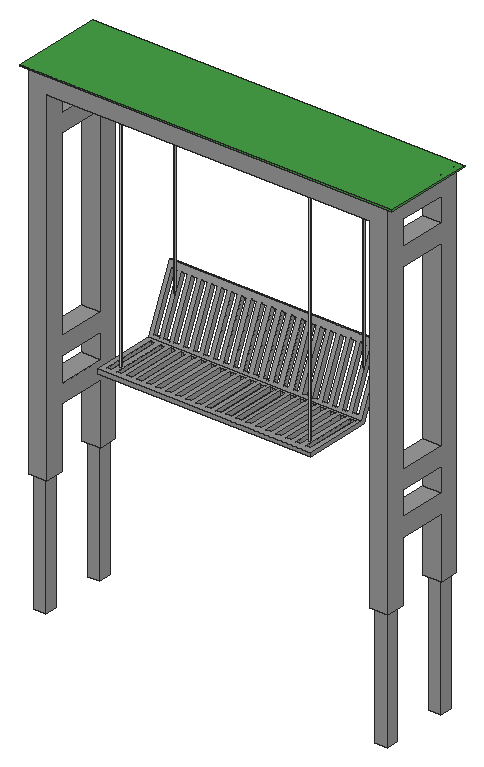
Revit family "20895 Качели садово-парковые «Кассиопея» Хоббика", category Антураж, Revit 2018
Family settings
  На основе рабочей плоскости = Нет
  Всегда вертикально = Да
  При загрузке вырезать с полостями = Нет
  Источник визуального образа = Геометрия семейства
  Общий = Нет
  Точка расчета площади = Нет
Parameters (values of type "Качели садово-парковые «Кассиопея». Версия без подсветки")
  Ширина = 750 mm  # constant formula
  Цвет отделки = Дерево
  Описание = "Качели садово-парковые «Кассиопея». Версия без подсветки"  # constant formula
  Материал изделия = "Сталь, дерево"  # constant formula
  Изображение типоразмера = Качели садово-парковые «Кассиопея» Арт 20895.jpg
  Изготовитель = "ООО «Хоббика»"  # constant formula
  Длина = 3050 mm  # constant formula
  Группа модели = "Парковые качели"  # constant formula
  Высота = 2500 mm  # constant formula
  Артикул товара = "Арт. 20895"  # constant formula
  URL = "https://hobbyka.ru/product/kacheli_sadovoparkovye_kassiopeya"
Reference planes
  plane 1 "По центру (Вперед/Назад)": y = 0
  plane 2: z = 0
  plane 3 "По центру (Влево/Вправо)": x = 0
  plane 4: x = 3050
  plane 5: y = 750
  plane 6: z = 2500
Forms (mm)
  Extrusion 1, solid, material "Дерево" <- "Цвет отделки"
    sketch origin (0, 0, 0) x (1, 0, 0) y (0, 1, 0)
      loop
        line (50, 725) -> (50, 575) -> (200, 575) -> (200, 725) -> (50, 725)
      loop
        line (50, 175) -> (50, 25) -> (200, 25) -> (200, 175) -> (50, 175)
      loop
        line (2850, 725) -> (2850, 575) -> (3000, 575) -> (3000, 725) -> (2850, 725)
      loop
        line (2850, 175) -> (2850, 25) -> (3000, 25) -> (3000, 175) -> (2850, 175)
    from -500 to 2490
  Extrusion 2, solid, material "Дерево" <- "Цвет отделки"
    sketch origin (0, 0, -10) x (0, 1, 0) y (0, 0, 1)
      loop
        line (575, 2500) -> (575, 2350) -> (725, 2350) -> (725, 2500) -> (575, 2500)
      loop
        line (175, 2500) -> (25, 2500) -> (25, 2350) -> (175, 2350) -> (175, 2500)
    from 200 to 2850
  Extrusion 3, solid, material "Дерево" <- "Цвет отделки"
    sketch origin (0, 0, 0) x (1, 0, 0) y (0, 0, 1)
      loop
        line (50, 2490) -> (50, 2340) -> (200, 2340) -> (200, 2490) -> (50, 2490)
      loop
        line (50, 2140) -> (50, 1990) -> (200, 1990) -> (200, 2140) -> (50, 2140)
      loop
        line (50, 500) -> (50, 350) -> (200, 350) -> (200, 500) -> (50, 500)
      loop
        line (50, 150) -> (50, 0) -> (200, 0) -> (200, 150) -> (50, 150)
      loop
        line (2850, 2490) -> (2850, 2340) -> (3000, 2340) -> (3000, 2490) -> (2850, 2490)
      loop
        line (2850, 2140) -> (2850, 1990) -> (3000, 1990) -> (3000, 2140) -> (2850, 2140)
      loop
        line (2850, 500) -> (2850, 350) -> (3000, 350) -> (3000, 500) -> (2850, 500)
      loop
        line (2850, 150) -> (2850, 0) -> (3000, 0) -> (3000, 150) -> (2850, 150)
    from -150 to -600
  Extrusion 4, solid, material "Сталь"
    sketch origin (0, 0, 0) x (1, 0, 0) y (0, 1, 0)
      loop
        line (75, 700) -> (75, 600) -> (175, 600) -> (175, 700) -> (75, 700)
      loop
        line (75, 150) -> (75, 50) -> (175, 50) -> (175, 150) -> (75, 150)
      loop
        line (2875, 600) -> (2975, 600) -> (2975, 700) -> (2875, 700) -> (2875, 600)
      loop
        line (2875, 150) -> (2875, 50) -> (2975, 50) -> (2975, 150) -> (2875, 150)
    from -1500 to -500
  Sweep 5, solid, material "Дерево" <- "Цвет отделки"
    path origin (-1633.333, 0, 0) x (0, 1, 0) y (0, 0, 1)
      loop
        line (755.661, 967.45) -> (531.956, 465) -> (-18.044, 465)
    profile origin (-1633.333, 256.956, 465) x (0, 0, -1) y (1, 0, 0)
      loop
        line (0, 2283.333) -> (0, 2318.333) -> (-35, 2318.333) -> (-35, 2283.333) -> (0, 2283.333)
  Extrusion 6, solid, material "Крыша по умолчанию"
    sketch origin (0, 0, 0) x (0, 1, 0) y (0, 0, 1)
      loop
        line (750, 2500) -> (0, 2500) -> (0, 2490) -> (750, 2490) -> (750, 2500)
    from 0 to 3050
  Extrusion 7, solid, material "Источник света по умолчанию"
    sketch origin (0, 0, 0) x (0, 1, 0) y (0, 0, 1)
      loop
        line (575, 2490) -> (175, 2490) -> (175, 2340) -> (575, 2340) -> (575, 2490)
    from 200 to 2850
  Sweep 8, solid, material "Дерево" <- "Цвет отделки"
    path origin (81.667, 0, 0) x (0, 1, 0) y (0, 0, 1)
      loop
        line (755.661, 967.45) -> (531.956, 465) -> (-18.044, 465)
    profile origin (81.667, 256.956, 465) x (0, 0, -1) y (1, 0, 0)
      loop
        line (0, 2283.333) -> (0, 2318.333) -> (-35, 2318.333) -> (-35, 2283.333) -> (0, 2283.333)
  Sweep 9, solid, material "Дерево" <- "Цвет отделки"
    path origin (-1551.667, 0, 0) x (0, 1, 0) y (0, 0, 1)
      loop
        line (755.661, 967.45) -> (531.956, 465) -> (-18.044, 465)
    profile origin (-1551.667, 256.956, 465) x (0, 0, -1) y (1, 0, 0)
      loop
        line (0, 2283.333) -> (0, 2318.333) -> (-35, 2318.333) -> (-35, 2283.333) -> (0, 2283.333)
  Sweep 10, solid, material "Дерево" <- "Цвет отделки"
    path origin (-1470, 0, 0) x (0, 1, 0) y (0, 0, 1)
      loop
        line (755.661, 967.45) -> (531.956, 465) -> (-18.044, 465)
    profile origin (-1470, 256.956, 465) x (0, 0, -1) y (1, 0, 0)
      loop
        line (0, 2283.333) -> (0, 2318.333) -> (-35, 2318.333) -> (-35, 2283.333) -> (0, 2283.333)
  Sweep 11, solid, material "Дерево" <- "Цвет отделки"
    path origin (-1388.333, 0, 0) x (0, 1, 0) y (0, 0, 1)
      loop
        line (755.661, 967.45) -> (531.956, 465) -> (-18.044, 465)
    profile origin (-1388.333, 256.956, 465) x (0, 0, -1) y (1, 0, 0)
      loop
        line (0, 2283.333) -> (0, 2318.333) -> (-35, 2318.333) -> (-35, 2283.333) -> (0, 2283.333)
  Sweep 12, solid, material "Дерево" <- "Цвет отделки"
    path origin (-1306.667, 0, 0) x (0, 1, 0) y (0, 0, 1)
      loop
        line (755.661, 967.45) -> (531.956, 465) -> (-18.044, 465)
    profile origin (-1306.667, 256.956, 465) x (0, 0, -1) y (1, 0, 0)
      loop
        line (0, 2283.333) -> (0, 2318.333) -> (-35, 2318.333) -> (-35, 2283.333) -> (0, 2283.333)
  Sweep 13, solid, material "Дерево" <- "Цвет отделки"
    path origin (-1225, 0, 0) x (0, 1, 0) y (0, 0, 1)
      loop
        line (755.661, 967.45) -> (531.956, 465) -> (-18.044, 465)
    profile origin (-1225, 256.956, 465) x (0, 0, -1) y (1, 0, 0)
      loop
        line (0, 2283.333) -> (0, 2318.333) -> (-35, 2318.333) -> (-35, 2283.333) -> (0, 2283.333)
  Sweep 14, solid, material "Дерево" <- "Цвет отделки"
    path origin (-1143.333, 0, 0) x (0, 1, 0) y (0, 0, 1)
      loop
        line (755.661, 967.45) -> (531.956, 465) -> (-18.044, 465)
    profile origin (-1143.333, 256.956, 465) x (0, 0, -1) y (1, 0, 0)
      loop
        line (0, 2283.333) -> (0, 2318.333) -> (-35, 2318.333) -> (-35, 2283.333) -> (0, 2283.333)
  Sweep 15, solid, material "Дерево" <- "Цвет отделки"
    path origin (-1061.667, 0, 0) x (0, 1, 0) y (0, 0, 1)
      loop
        line (755.661, 967.45) -> (531.956, 465) -> (-18.044, 465)
    profile origin (-1061.667, 256.956, 465) x (0, 0, -1) y (1, 0, 0)
      loop
        line (0, 2283.333) -> (0, 2318.333) -> (-35, 2318.333) -> (-35, 2283.333) -> (0, 2283.333)
  Sweep 16, solid, material "Дерево" <- "Цвет отделки"
    path origin (-980, 0, 0) x (0, 1, 0) y (0, 0, 1)
      loop
        line (755.661, 967.45) -> (531.956, 465) -> (-18.044, 465)
    profile origin (-980, 256.956, 465) x (0, 0, -1) y (1, 0, 0)
      loop
        line (0, 2283.333) -> (0, 2318.333) -> (-35, 2318.333) -> (-35, 2283.333) -> (0, 2283.333)
  Sweep 17, solid, material "Дерево" <- "Цвет отделки"
    path origin (-898.333, 0, 0) x (0, 1, 0) y (0, 0, 1)
      loop
        line (755.661, 967.45) -> (531.956, 465) -> (-18.044, 465)
    profile origin (-898.333, 256.956, 465) x (0, 0, -1) y (1, 0, 0)
      loop
        line (0, 2283.333) -> (0, 2318.333) -> (-35, 2318.333) -> (-35, 2283.333) -> (0, 2283.333)
  Sweep 18, solid, material "Дерево" <- "Цвет отделки"
    path origin (-816.667, 0, 0) x (0, 1, 0) y (0, 0, 1)
      loop
        line (755.661, 967.45) -> (531.956, 465) -> (-18.044, 465)
    profile origin (-816.667, 256.956, 465) x (0, 0, -1) y (1, 0, 0)
      loop
        line (0, 2283.333) -> (0, 2318.333) -> (-35, 2318.333) -> (-35, 2283.333) -> (0, 2283.333)
  Sweep 19, solid, material "Дерево" <- "Цвет отделки"
    path origin (-735, 0, 0) x (0, 1, 0) y (0, 0, 1)
      loop
        line (755.661, 967.45) -> (531.956, 465) -> (-18.044, 465)
    profile origin (-735, 256.956, 465) x (0, 0, -1) y (1, 0, 0)
      loop
        line (0, 2283.333) -> (0, 2318.333) -> (-35, 2318.333) -> (-35, 2283.333) -> (0, 2283.333)
  Sweep 20, solid, material "Дерево" <- "Цвет отделки"
    path origin (-653.333, 0, 0) x (0, 1, 0) y (0, 0, 1)
      loop
        line (755.661, 967.45) -> (531.956, 465) -> (-18.044, 465)
    profile origin (-653.333, 256.956, 465) x (0, 0, -1) y (1, 0, 0)
      loop
        line (0, 2283.333) -> (0, 2318.333) -> (-35, 2318.333) -> (-35, 2283.333) -> (0, 2283.333)
  Sweep 21, solid, material "Дерево" <- "Цвет отделки"
    path origin (-571.667, 0, 0) x (0, 1, 0) y (0, 0, 1)
      loop
        line (755.661, 967.45) -> (531.956, 465) -> (-18.044, 465)
    profile origin (-571.667, 256.956, 465) x (0, 0, -1) y (1, 0, 0)
      loop
        line (0, 2283.333) -> (0, 2318.333) -> (-35, 2318.333) -> (-35, 2283.333) -> (0, 2283.333)
  Sweep 22, solid, material "Дерево" <- "Цвет отделки"
    path origin (-490, 0, 0) x (0, 1, 0) y (0, 0, 1)
      loop
        line (755.661, 967.45) -> (531.956, 465) -> (-18.044, 465)
    profile origin (-490, 256.956, 465) x (0, 0, -1) y (1, 0, 0)
      loop
        line (0, 2283.333) -> (0, 2318.333) -> (-35, 2318.333) -> (-35, 2283.333) -> (0, 2283.333)
  Sweep 23, solid, material "Дерево" <- "Цвет отделки"
    path origin (-408.333, 0, 0) x (0, 1, 0) y (0, 0, 1)
      loop
        line (755.661, 967.45) -> (531.956, 465) -> (-18.044, 465)
    profile origin (-408.333, 256.956, 465) x (0, 0, -1) y (1, 0, 0)
      loop
        line (0, 2283.333) -> (0, 2318.333) -> (-35, 2318.333) -> (-35, 2283.333) -> (0, 2283.333)
  Sweep 24, solid, material "Дерево" <- "Цвет отделки"
    path origin (-326.667, 0, 0) x (0, 1, 0) y (0, 0, 1)
      loop
        line (755.661, 967.45) -> (531.956, 465) -> (-18.044, 465)
    profile origin (-326.667, 256.956, 465) x (0, 0, -1) y (1, 0, 0)
      loop
        line (0, 2283.333) -> (0, 2318.333) -> (-35, 2318.333) -> (-35, 2283.333) -> (0, 2283.333)
  Sweep 25, solid, material "Дерево" <- "Цвет отделки"
    path origin (-245, 0, 0) x (0, 1, 0) y (0, 0, 1)
      loop
        line (755.661, 967.45) -> (531.956, 465) -> (-18.044, 465)
    profile origin (-245, 256.956, 465) x (0, 0, -1) y (1, 0, 0)
      loop
        line (0, 2283.333) -> (0, 2318.333) -> (-35, 2318.333) -> (-35, 2283.333) -> (0, 2283.333)
  Sweep 26, solid, material "Дерево" <- "Цвет отделки"
    path origin (-163.333, 0, 0) x (0, 1, 0) y (0, 0, 1)
      loop
        line (755.661, 967.45) -> (531.956, 465) -> (-18.044, 465)
    profile origin (-163.333, 256.956, 465) x (0, 0, -1) y (1, 0, 0)
      loop
        line (0, 2283.333) -> (0, 2318.333) -> (-35, 2318.333) -> (-35, 2283.333) -> (0, 2283.333)
  Sweep 27, solid, material "Дерево" <- "Цвет отделки"
    path origin (-81.667, 0, 0) x (0, 1, 0) y (0, 0, 1)
      loop
        line (755.661, 967.45) -> (531.956, 465) -> (-18.044, 465)
    profile origin (-81.667, 256.956, 465) x (0, 0, -1) y (1, 0, 0)
      loop
        line (0, 2283.333) -> (0, 2318.333) -> (-35, 2318.333) -> (-35, 2283.333) -> (0, 2283.333)
  Sweep 28, solid, material "Дерево" <- "Цвет отделки"
    path origin (0, 0, 0) x (0, 1, 0) y (0, 0, 1)
      loop
        line (755.661, 967.45) -> (531.956, 465) -> (-18.044, 465)
    profile origin (0, 256.956, 465) x (0, 0, -1) y (1, 0, 0)
      loop
        line (0, 2283.333) -> (0, 2318.333) -> (-35, 2318.333) -> (-35, 2283.333) -> (0, 2283.333)
  Extrusion 29, solid, material "Дерево" <- "Цвет отделки"
    sketch origin (0, 0, 0) x (0, 1, 0) y (0, 0, 1)
      loop
        line (735.324, 921.773) -> (755.661, 967.45) -> (723.687, 981.686) -> (703.35, 936.009) -> (735.324, 921.773)
      loop
        line (-18.044, 500) -> (-18.044, 465) -> (31.956, 465) -> (31.956, 500) -> (-18.044, 500)
      loop
        line (519.395, 522.839) -> (509.227, 500) -> (484.227, 500) -> (484.227, 465) -> (531.956, 465) -> (551.369, 508.603) -> (519.395, 522.839)
    from 650 to 2400
  Extrusion 30, solid
    sketch origin (0, 0, 0) x (1, 0, 0) y (0, 1, 0)
      loop
        circle (749.167, 650) r 5
      loop
        circle (2300.833, 650) r 5
    from 784.403 to 2340
  Extrusion 31, solid
    sketch origin (0, -550, 0) x (1, 0, 0) y (0, 1, 0)
      loop
        circle (749.167, 650) r 5
      loop
        circle (2300.833, 650) r 5
    from 500 to 2340
Cuts and joins
  joined: Extrusion 1, Extrusion 2, Extrusion 3
  joined: Sweep 5, Sweep 8, Sweep 9, Sweep 10, Sweep 11, Sweep 12, Sweep 13, Sweep 14, Sweep 15, Sweep 16, Sweep 17, Sweep 18, Sweep 19, Sweep 20, Sweep 21, Sweep 22, Sweep 23, Sweep 24, Sweep 25, Sweep 26, Sweep 27, Sweep 28, Extrusion 29
Lines and regions (mm)
  symbolic lines
    curve 1: line (650, 0, 472.24) -> (650, 0, 2872.24)
    curve 2: line (2400, 0, 472.24) -> (2400, 0, 2872.24)
Dimensions and locks
  "Длина": plane 4 to plane 3 "По центру (Влево/Вправо)"
  "Ширина": plane 5 to plane 1 "По центру (Вперед/Назад)"
  "Высота": plane 6 to plane 2
  equal spacing: plane 4, curve 2, curve 1, plane 3 "По центру (Влево/Вправо)"
  equal spacing: group 1, group 3, group 4, group 5, group 6, group 7, group 8, group 9, group 10, group 11, group 12, group 13, group 14, group 15, group 16, group 17, group 18, group 19, group 20, group 21, group 22, group 2  (x3)
  aligned and locked: level to plane 2
Automatic sketch dimensions
  Sweep 5 sketch curve to Sweep 5 sketch curve = 223.705 mm
  Sweep 5 sketch curve to Sweep 5 sketch curve = 502.45 mm
  Sweep 5 sketch curve to profile plane = 0 mm
  Sweep 5 sketch curve to Sweep 5 sketch curve = 35 mm  (x2)
  Sweep 5 sketch curve to Sweep 5 sketch curve = 550 mm
  profile plane to Sweep 5 sketch curve = 2283.333 mm
  Sweep 8 sketch curve to Sweep 8 sketch curve = 223.705 mm
  Sweep 8 sketch curve to Sweep 8 sketch curve = 502.45 mm
  Sweep 8 sketch curve to profile plane = 0 mm
  Sweep 8 sketch curve to Sweep 8 sketch curve = 35 mm  (x2)
  Sweep 8 sketch curve to Sweep 8 sketch curve = 550 mm
  profile plane to Sweep 8 sketch curve = 2283.333 mm
  Sweep 9 sketch curve to Sweep 9 sketch curve = 223.705 mm
  Sweep 9 sketch curve to Sweep 9 sketch curve = 502.45 mm
  Sweep 9 sketch curve to profile plane = 0 mm
  Sweep 9 sketch curve to Sweep 9 sketch curve = 35 mm  (x2)
  Sweep 9 sketch curve to Sweep 9 sketch curve = 550 mm
  profile plane to Sweep 9 sketch curve = 2283.333 mm
  Sweep 10 sketch curve to Sweep 10 sketch curve = 223.705 mm
  Sweep 10 sketch curve to Sweep 10 sketch curve = 502.45 mm
  Sweep 10 sketch curve to profile plane = 0 mm
  Sweep 10 sketch curve to Sweep 10 sketch curve = 35 mm  (x2)
  Sweep 10 sketch curve to Sweep 10 sketch curve = 550 mm
  profile plane to Sweep 10 sketch curve = 2283.333 mm
  Sweep 11 sketch curve to Sweep 11 sketch curve = 223.705 mm
  Sweep 11 sketch curve to Sweep 11 sketch curve = 502.45 mm
  Sweep 11 sketch curve to profile plane = 0 mm
  Sweep 11 sketch curve to Sweep 11 sketch curve = 35 mm  (x2)
  Sweep 11 sketch curve to Sweep 11 sketch curve = 550 mm
  profile plane to Sweep 11 sketch curve = 2283.333 mm
  Sweep 12 sketch curve to Sweep 12 sketch curve = 223.705 mm
  Sweep 12 sketch curve to Sweep 12 sketch curve = 502.45 mm
  Sweep 12 sketch curve to profile plane = 0 mm
  Sweep 12 sketch curve to Sweep 12 sketch curve = 35 mm  (x2)
  Sweep 12 sketch curve to Sweep 12 sketch curve = 550 mm
  profile plane to Sweep 12 sketch curve = 2283.333 mm
  Sweep 13 sketch curve to Sweep 13 sketch curve = 223.705 mm
  Sweep 13 sketch curve to Sweep 13 sketch curve = 502.45 mm
  Sweep 13 sketch curve to profile plane = 0 mm
  Sweep 13 sketch curve to Sweep 13 sketch curve = 35 mm  (x2)
  Sweep 13 sketch curve to Sweep 13 sketch curve = 550 mm
  profile plane to Sweep 13 sketch curve = 2283.333 mm
  Sweep 14 sketch curve to Sweep 14 sketch curve = 223.705 mm
  Sweep 14 sketch curve to Sweep 14 sketch curve = 502.45 mm
  Sweep 14 sketch curve to profile plane = 0 mm
  Sweep 14 sketch curve to Sweep 14 sketch curve = 35 mm  (x2)
  Sweep 14 sketch curve to Sweep 14 sketch curve = 550 mm
  profile plane to Sweep 14 sketch curve = 2283.333 mm
  Sweep 15 sketch curve to Sweep 15 sketch curve = 223.705 mm
  Sweep 15 sketch curve to Sweep 15 sketch curve = 502.45 mm
  Sweep 15 sketch curve to profile plane = 0 mm
  Sweep 15 sketch curve to Sweep 15 sketch curve = 35 mm  (x2)
  Sweep 15 sketch curve to Sweep 15 sketch curve = 550 mm
  profile plane to Sweep 15 sketch curve = 2283.333 mm
  Sweep 16 sketch curve to Sweep 16 sketch curve = 223.705 mm
  Sweep 16 sketch curve to Sweep 16 sketch curve = 502.45 mm
  Sweep 16 sketch curve to profile plane = 0 mm
  Sweep 16 sketch curve to Sweep 16 sketch curve = 35 mm  (x2)
  Sweep 16 sketch curve to Sweep 16 sketch curve = 550 mm
  profile plane to Sweep 16 sketch curve = 2283.333 mm
  Sweep 17 sketch curve to Sweep 17 sketch curve = 223.705 mm
  Sweep 17 sketch curve to Sweep 17 sketch curve = 502.45 mm
  Sweep 17 sketch curve to profile plane = 0 mm
  Sweep 17 sketch curve to Sweep 17 sketch curve = 35 mm  (x2)
  Sweep 17 sketch curve to Sweep 17 sketch curve = 550 mm
  profile plane to Sweep 17 sketch curve = 2283.333 mm
  Sweep 18 sketch curve to Sweep 18 sketch curve = 223.705 mm
  Sweep 18 sketch curve to Sweep 18 sketch curve = 502.45 mm
  Sweep 18 sketch curve to profile plane = 0 mm
  Sweep 18 sketch curve to Sweep 18 sketch curve = 35 mm  (x2)
  Sweep 18 sketch curve to Sweep 18 sketch curve = 550 mm
  profile plane to Sweep 18 sketch curve = 2283.333 mm
  Sweep 19 sketch curve to Sweep 19 sketch curve = 223.705 mm
  Sweep 19 sketch curve to Sweep 19 sketch curve = 502.45 mm
  Sweep 19 sketch curve to profile plane = 0 mm
  Sweep 19 sketch curve to Sweep 19 sketch curve = 35 mm  (x2)
  Sweep 19 sketch curve to Sweep 19 sketch curve = 550 mm
  profile plane to Sweep 19 sketch curve = 2283.333 mm
  Sweep 20 sketch curve to Sweep 20 sketch curve = 223.705 mm
  Sweep 20 sketch curve to Sweep 20 sketch curve = 502.45 mm
  Sweep 20 sketch curve to profile plane = 0 mm
  Sweep 20 sketch curve to Sweep 20 sketch curve = 35 mm  (x2)
  Sweep 20 sketch curve to Sweep 20 sketch curve = 550 mm
  profile plane to Sweep 20 sketch curve = 2283.333 mm
  Sweep 21 sketch curve to Sweep 21 sketch curve = 223.705 mm
  Sweep 21 sketch curve to Sweep 21 sketch curve = 502.45 mm
  Sweep 21 sketch curve to profile plane = 0 mm
  Sweep 21 sketch curve to Sweep 21 sketch curve = 35 mm  (x2)
  Sweep 21 sketch curve to Sweep 21 sketch curve = 550 mm
  profile plane to Sweep 21 sketch curve = 2283.333 mm
  Sweep 22 sketch curve to Sweep 22 sketch curve = 223.705 mm
  Sweep 22 sketch curve to Sweep 22 sketch curve = 502.45 mm
  Sweep 22 sketch curve to profile plane = 0 mm
  Sweep 22 sketch curve to Sweep 22 sketch curve = 35 mm  (x2)
  Sweep 22 sketch curve to Sweep 22 sketch curve = 550 mm
  profile plane to Sweep 22 sketch curve = 2283.333 mm
  Sweep 23 sketch curve to Sweep 23 sketch curve = 223.705 mm
  Sweep 23 sketch curve to Sweep 23 sketch curve = 502.45 mm
  Sweep 23 sketch curve to profile plane = 0 mm
  Sweep 23 sketch curve to Sweep 23 sketch curve = 35 mm  (x2)
  Sweep 23 sketch curve to Sweep 23 sketch curve = 550 mm
  profile plane to Sweep 23 sketch curve = 2283.333 mm
  Sweep 24 sketch curve to Sweep 24 sketch curve = 223.705 mm
  Sweep 24 sketch curve to Sweep 24 sketch curve = 502.45 mm
  Sweep 24 sketch curve to profile plane = 0 mm
  Sweep 24 sketch curve to Sweep 24 sketch curve = 35 mm  (x2)
  Sweep 24 sketch curve to Sweep 24 sketch curve = 550 mm
  profile plane to Sweep 24 sketch curve = 2283.333 mm
  Sweep 25 sketch curve to Sweep 25 sketch curve = 223.705 mm
  Sweep 25 sketch curve to Sweep 25 sketch curve = 502.45 mm
  Sweep 25 sketch curve to profile plane = 0 mm
  Sweep 25 sketch curve to Sweep 25 sketch curve = 35 mm  (x2)
  Sweep 25 sketch curve to Sweep 25 sketch curve = 550 mm
  profile plane to Sweep 25 sketch curve = 2283.333 mm
  Sweep 26 sketch curve to Sweep 26 sketch curve = 223.705 mm
  Sweep 26 sketch curve to Sweep 26 sketch curve = 502.45 mm
  Sweep 26 sketch curve to profile plane = 0 mm
  Sweep 26 sketch curve to Sweep 26 sketch curve = 35 mm  (x2)
  Sweep 26 sketch curve to Sweep 26 sketch curve = 550 mm
  profile plane to Sweep 26 sketch curve = 2283.333 mm
  Sweep 27 sketch curve to Sweep 27 sketch curve = 223.705 mm
  Sweep 27 sketch curve to Sweep 27 sketch curve = 502.45 mm
  Sweep 27 sketch curve to profile plane = 0 mm
  Sweep 27 sketch curve to Sweep 27 sketch curve = 35 mm  (x2)
  Sweep 27 sketch curve to Sweep 27 sketch curve = 550 mm
  profile plane to Sweep 27 sketch curve = 2283.333 mm
  Sweep 28 sketch curve to Sweep 28 sketch curve = 223.705 mm
  Sweep 28 sketch curve to Sweep 28 sketch curve = 502.45 mm
  Sweep 28 sketch curve to profile plane = 0 mm
  Sweep 28 sketch curve to Sweep 28 sketch curve = 35 mm  (x2)
  Sweep 28 sketch curve to Sweep 28 sketch curve = 550 mm
  profile plane to Sweep 28 sketch curve = 2283.333 mm
  plane 3 "По центру (Влево/Вправо)" to curve 1 = 650 mm
  level to curve 2 = 472.24 mm
  curve 2 to plane 4 = 650 mm
  level to curve 1 = 472.24 mm
  plane 6 to curve 2 = 372.24 mm
  plane 6 to curve 1 = 372.24 mm
  plane 3 "По центру (Влево/Вправо)" to Extrusion 1 sketch curve = 50 mm  (x2)
  Extrusion 1 sketch curve to plane 1 "По центру (Вперед/Назад)" = 25 mm  (x2)
  Extrusion 1 sketch curve to Extrusion 1 sketch curve = 150 mm  (x6)
  Extrusion 1 sketch curve to plane 5 = 25 mm  (x2)
  Extrusion 1 sketch curve to plane 4 = 200 mm  (x2)
  Extrusion 1 sketch curve to plane 4 = 50 mm  (x2)
  Extrusion 2 sketch curve to plane 6 = 10 mm  (x2)
  Extrusion 2 sketch curve to plane 1 "По центру (Вперед/Назад)" = 25 mm
  Extrusion 2 sketch curve to Extrusion 2 sketch curve = 150 mm  (x2)
  Extrusion 2 sketch curve to plane 5 = 175 mm
  Extrusion 2 sketch curve to plane 5 = 25 mm
  Extrusion 2 sketch curve to plane 6 = 160 mm
  Extrusion 3 sketch curve to level = 0 mm  (x2)
  Extrusion 3 sketch curve to plane 6 = 10 mm  (x2)
  plane 3 "По центру (Влево/Вправо)" to Extrusion 3 sketch curve = 50 mm  (x4)
  Extrusion 3 sketch curve to Extrusion 3 sketch curve = 150 mm  (x10)
  Extrusion 3 sketch curve to plane 4 = 200 mm  (x2)
  Extrusion 3 sketch curve to Extrusion 3 sketch curve = 0 mm  (x2)
  Extrusion 3 sketch curve to plane 4 = 50 mm  (x4)
  level to Extrusion 3 sketch curve = 150 mm  (x2)
  Extrusion 3 sketch curve to Extrusion 3 sketch curve = 200 mm  (x2)
  Extrusion 3 sketch curve to Extrusion 3 sketch curve = 500 mm  (x2)
  plane 3 "По центру (Влево/Вправо)" to Extrusion 4 sketch curve = 75 mm  (x2)
  Extrusion 4 sketch curve to Extrusion 4 sketch curve = 100 mm  (x5)
  Extrusion 4 sketch curve to plane 5 = 50 mm  (x2)
  Extrusion 4 sketch curve to plane 4 = 175 mm  (x2)
  Extrusion 4 sketch curve to plane 1 "По центру (Вперед/Назад)" = 50 mm  (x2)
  Extrusion 4 sketch curve to plane 4 = 75 mm  (x2)
  Extrusion 4 sketch curve to plane 5 = 150 mm
  Extrusion 6 sketch curve to plane 1 "По центру (Вперед/Назад)" = 0 mm
  Extrusion 6 sketch curve to plane 5 = 0 mm
  Extrusion 6 sketch curve to plane 6 = 0 mm
  Extrusion 6 sketch curve to plane 6 = 10 mm
  Extrusion 7 sketch curve to plane 6 = 10 mm
  Extrusion 7 sketch curve to plane 1 "По центру (Вперед/Назад)" = 175 mm
  Extrusion 7 sketch curve to plane 5 = 175 mm
  Extrusion 7 sketch curve to Extrusion 7 sketch curve = 150 mm
  plane 1 "По центру (Вперед/Назад)" to Extrusion 29 sketch curve = 18.044 mm
  Extrusion 29 sketch curve to plane 1 "По центру (Вперед/Назад)" = 31.956 mm
  Extrusion 29 sketch curve to plane 5 = 265.773 mm
  Extrusion 29 sketch curve to Extrusion 29 sketch curve = 25 mm
  Extrusion 29 sketch curve to Extrusion 29 sketch curve = 10.168 mm
  Extrusion 29 sketch curve to Extrusion 29 sketch curve = 22.729 mm
  Extrusion 29 sketch curve to Extrusion 29 sketch curve = 31.974 mm
  Extrusion 29 sketch curve to plane 5 = 46.65 mm
  Extrusion 29 sketch curve to plane 5 = 26.313 mm
  Extrusion 29 sketch curve to plane 5 = 14.676 mm
  level to Extrusion 29 sketch curve = 465 mm  (x2)
  Extrusion 29 sketch curve to Extrusion 29 sketch curve = 35 mm  (x2)
  Extrusion 29 sketch curve to Extrusion 29 sketch curve = 413.17 mm
  Extrusion 29 sketch curve to Extrusion 29 sketch curve = 14.236 mm
  Extrusion 30 sketch curve to plane 5 = 100 mm  (x2)
  plane 3 "По центру (Влево/Вправо)" to Extrusion 30 sketch curve = 749.167 mm
  Extrusion 30 sketch curve to plane 4 = 749.167 mm
  Extrusion 31 sketch curve to plane 1 "По центру (Вперед/Назад)" = 100 mm  (x2)
  plane 3 "По центру (Влево/Вправо)" to Extrusion 31 sketch curve = 749.167 mm
  Extrusion 31 sketch curve to plane 4 = 749.167 mm
  radius of Extrusion 30 sketch curve = 5 mm  (x2)
  radius of Extrusion 31 sketch curve = 5 mm  (x2)
